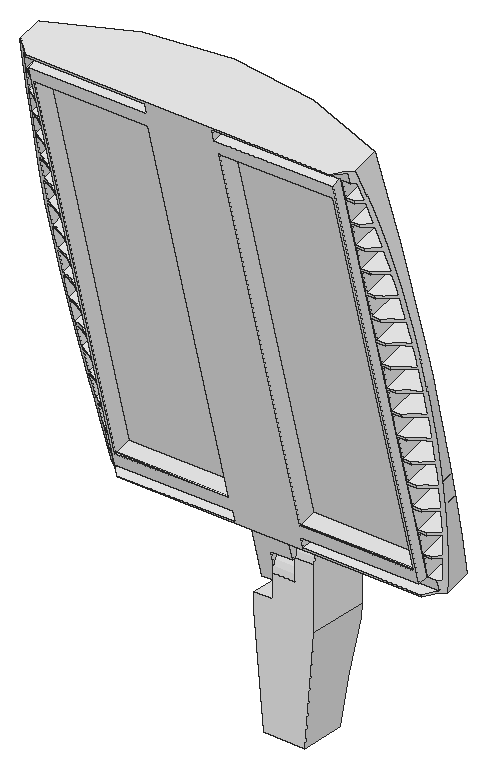
Revit family "Matrix MAF", category Lighting Fixtures, host Face, Revit 2021
Family settings
  Host = Face
  Round Connector Dimension = Use Diameter
  Part Type = Normal
  OmniClass Number = 23.80.70.14.14
  OmniClass Title = Exterior Floodlights
  Cut with Voids When Loaded = No
  Light Source = No
  Shared = No
  Room Calculation Point = No
Parameters (values of type "MAF-WH")
  zz Angle 1 = if(Angle < 0.00°, 0.00°, if(Angle > 75.00°, 75.00°, Angle)) + 90.00°  # 165.00°
  Wattage Comments = "265W to 610W"  # constant formula
  Voltage = 120 V
  URL = "https://www.currentlighting.com/beacon"
  Product Page URL = ""
  Product Material = White
  Product Documentation Link = ""
  Power Factor = 1
  Photometric Web Files = Matrix : MAF-192L-490-5K7-N-U
  Model = "Matrix MAF"  # constant formula
  Manufacturer = "Beacon Products"  # constant formula
  Load Classification = Lighting
  Lamp = "LED"  # constant formula
  Glass = White Glass
  Description = "Matrix flood combines superior luminaire design with excellent versatility, performance and value"  # constant formula
  Default Elevation = 48.000"
  Assembly Code = ""
  Apparent Load = 0 VA
  Angle = 75.00°
Types (8): name | zz Angle 1 | Product Material | Photometric Web Files | Assembly Code | Angle
  (no name) | 165.00° | White | Matrix : MAF-192L-490-5K7-N-U | "" | 75.00°
  MAF-DB | 135.00° | Dark Bronze | Matrix : MAF-148L-380-5K7-W-U | "D50" | 45.00°
  MAF-BL | 165.00° | Black | Matrix : MAF-192L-490-5K7-N-U | "" | 75.00°
  MAF-WH | 165.00° | White | Matrix : MAF-192L-490-5K7-N-U | "" | 75.00°
  MAF-PS | 165.00° | Platinum | Matrix : MAF-192L-490-5K7-N-U | "" | 75.00°
  MAF-GYS | 165.00° | Light Grey | Matrix : MAF-192L-490-5K7-N-U | "" | 75.00°
  MAF-GT | 165.00° | Graphite | Matrix : MAF-192L-490-5K7-N-U | "" | 75.00°
  MAF-TT | 165.00° | Titanium | Matrix : MAF-192L-490-5K7-N-U | "" | 75.00°
Reference planes (in)
  plane 1 "Center (Front/Back)": y = 0
  plane 2: z = 0
  plane 3 "Center (Left/Right)": x = 0
  plane 4: x = -2
  plane 5: y = 2
  plane 6: z = 13.2
  plane 7: y = -2
  plane 8: z = 10.7
  plane 9: x = 2
  plane 10: z = 8.2
  plane 11: y = -32.5
Forms (in)
  Extrusion 1, solid, material "White" <- "Product Material"
    sketch origin (0, 0, 0) x (0, 1, 0) y (0, 0, 1)
      loop
        line (2, 6.25) -> (2, 11.2)
        arc (2, 11.2) -> (0, 13.2) -> (-2, 11.2) r 2
        line (-2, 11.2) -> (-2, 0) -> (0.9965, 0)
        arc (0.9965, 0) -> (1.33107, 3.15184) -> (2, 6.25) r 29.66548
    from -2 to 2
  Extrusion 2, void
    sketch origin (0, 0, 0) x (1, 0, 0) y (0, 0, 1)
      loop
        line (-2, 7.15858) -> (-2, 0) -> (-1.37371, 0) -> (-2, 7.15858)
      loop
        line (2, 7.15858) -> (1.37371, 0) -> (2, 0) -> (2, 7.15858)
    from -2 to 2
  Extrusion 3, void
    sketch origin (0, 0, 0) x (1, 0, 0) y (0, 0, 1)
      loop
        line (-2, 13.2) -> (-2, 8.2) -> (-0.75, 8.2) -> (-0.75, 13.2) -> (-2, 13.2)
    from -2 to 2
  Extrusion 4, void
    sketch origin (0, 0, 0) x (0, 1, 0) y (0, 0, 1)
      loop
        line (2, 9.79375) -> (2, 13.2) -> (-2, 13.2) -> (-2, 9.79375)
        arc (-2, 9.79375) -> (0, 11.79375) -> (2, 9.79375) r 2
    from -0.75 to 0.75
Cuts and joins
  Extrusion 2, Extrusion 3, Extrusion 4 cuts Extrusion 1
Dimensions and locks (in)
  plane 5 to plane 1 "Center (Front/Back)" = 2.000"
  plane 6 to plane 2 = 13.200"
  equal spacing: plane 5, plane 1 "Center (Front/Back)", plane 7
  plane 5 to plane 7 = 4.000"
  plane 1 "Center (Front/Back)" to plane 7 = 2.000"
  plane 6 to plane 8 = 2.500"
  equal spacing: plane 4, plane 3 "Center (Left/Right)", plane 9
  plane 4 to plane 9 = 4.000"
  locked: plane 6 to plane 10 at 5
  plane 5 to plane 11 = 34.500"
  "zz Angle 1": angle plane 1 "Center (Front/Back)" to nested 1
  aligned and locked: plane 2 to host face
  aligned and locked: level to host face
  aligned and locked: Extrusion 1 sketch curve to plane 2
  aligned and locked: plane 7 to Extrusion 1 sketch curve
  aligned and locked: Extrusion 1 to plane 4
  aligned and locked: Extrusion 1 to plane 9
  aligned and locked: plane 2 to Extrusion 2 sketch curve
  aligned and locked: plane 4 to Extrusion 2 sketch curve
  aligned and locked: plane 5 to Extrusion 2
  aligned and locked: plane 7 to Extrusion 2
  aligned and locked: Extrusion 3 sketch curve to plane 6
  aligned and locked: Extrusion 3 sketch curve to cut or joined group of Extrusion 1, Extrusion 2, Extrusion 3, Extrusion 4
  aligned and locked: plane 10 to Extrusion 3 sketch curve
  aligned and locked: plane 5 to Extrusion 3
  aligned and locked: plane 7 to Extrusion 3
  aligned and locked: Extrusion 1 sketch curve to plane 5
  aligned and locked: plane 8 to nested 1
  aligned and locked: plane 1 "Center (Front/Back)" to nested 1
  aligned and locked: plane 3 "Center (Left/Right)" to nested 2
Automatic sketch dimensions
  host sketch curve to host sketch curve = 96.000"  (x2)
  Extrusion 2 sketch curve to level = 0.000"
  plane 9 to Extrusion 2 sketch curve = 0.000"
  Extrusion 2 sketch curve to plane 8 = 3.54142"  (x2)
  plane 4 to Extrusion 2 sketch curve = 0.62629"
  plane 9 to Extrusion 2 sketch curve = 0.62629"
  Extrusion 4 sketch curve to plane 6 = 0.000"
  Extrusion 4 sketch curve to plane 7 = 0.000"  (x2)
  Extrusion 4 sketch curve to plane 1 "Center (Front/Back)" = 0.000"
  Extrusion 4 sketch curve to plane 8 = 0.90625"  (x2)
  Extrusion 4 sketch curve to Extrusion 4 sketch curve = 0.000"
  Extrusion 3 sketch curve to plane 3 "Center (Left/Right)" = 0.750"
  Extrusion 4 sketch curve to plane 5 = 0.000"
  Extrusion 1 sketch curve to plane 1 "Center (Front/Back)" = 0.9965"
  level to Extrusion 1 sketch curve = 6.250"
  Extrusion 1 sketch curve to level = 1.55102"
  plane 8 to Extrusion 1 sketch curve = 0.500"
Nested families (in)
  nested 1: "Matrix MAF-1" at (-1.75, 0, 10.7) x (0, 0.9659, 0.2588) z (1, 0, 0), type "Matrix MAF-1"
  nested 2: "Matrix" at (0, -0.83713, 13.37446) x (1, 0, 0) z (0, -0.2588, 0.9659), type <- "Photometric Web Files", Material Finish <- "Product Material", Glass <- "Glass", type "MAF-192L-490-5K7-N-U"
    with Material Finish White, Glass White Glass
Connectors (in)
  electrical at (0, -0.50175, 0), driven by "Load Classification", driven by "Voltage", driven by "Apparent Load", driven by "Power Factor"
    settings: on cut or joined group of Extrusion 1, Extrusion 2, Extrusion 3, Extrusion 4, index 1, voltage 120 V, apparent load 0 VA, apparent load phase1 0 VA, apparent load phase2 0 VA, apparent load phase3 0 VA, power factor 1, load classification "Lighting", number of poles 1, system type 30, power factor state 1, is connector primary yes, connector utility no, sub classification motor no, connector description "Lighting Connector"
Definition of nested family "Matrix MAF-1"
  Parameters
    Wattage Comments = ""
    URL = ""
    Product Page URL = ""
    Product Documentation Link = ""
    Model = ""
    Material Finish = none
    Manufacturer = ""
    Lamp = ""
    Description = ""
    Default Elevation = 48.000"
    Apparent Load = 0 VA
  Reference planes (in)
    plane 1 "Center (Front/Back)": y = 0
    plane 2: z = 0
    plane 3 "Center (Left/Right)": x = 0
    plane 4: y = -1.1
    plane 5: y = 2.8
    plane 6: z = 1
    plane 7: z = 2.5
    plane 8: x = -2
    plane 9: x = 2
  Forms (in)
    Extrusion 1, solid
      sketch origin (0, 0, 0) x (1, 0, 0) y (0, 1, 0)
        loop
          line (-48, 48) -> (-48, -48) -> (48, -48) -> (48, 48) -> (-48, 48)
      from 0 to -12
    Extrusion 2, solid, material <- "Material Finish"
      sketch origin (0, 0, 0) x (1, 0, 0) y (0, 1, 0)
        loop
          line (-2, 2.8) -> (-2, -1.1) -> (2, -1.1) -> (2, 2.8) -> (-2, 2.8)
      from 0 to 2.5
    Extrusion 3, void
      sketch origin (0, 0, 0) x (0, 1, 0) y (0, 0, 1)
        loop
          line (-1.1, 1) -> (1, 1) -> (1, 3) -> (-1.1, 3) -> (-1.1, 1)
      from 2 to -2
  Cuts and joins
    Extrusion 3 cuts Extrusion 2
  Lines and regions (in)
    reference lines
      curve 1: line (0, 0, 0) -> (0, 7.3, 0)
  Dimensions and locks (in)
    plane 4 to plane 1 "Center (Front/Back)" = 1.100"
    plane 1 "Center (Front/Back)" to plane 5 = 2.800"
    plane 6 to plane 2 = 1.000"
    plane 7 to plane 2 = 2.500"
    equal spacing: plane 8, plane 3 "Center (Left/Right)", plane 9
    plane 8 to plane 9 = 4.000"
    plane 8 to plane 3 "Center (Left/Right)" = 2.000"
    aligned and locked: plane 2 to Extrusion 1
    aligned and locked: level to Extrusion 1
    aligned and locked: plane 4 to Extrusion 2
    aligned and locked: plane 5 to Extrusion 2
    aligned and locked: plane 7 to Extrusion 2
    aligned and locked: Extrusion 3 sketch curve to plane 4
    aligned and locked: Extrusion 3 to Extrusion 2
    aligned and locked: Extrusion 2 to Extrusion 3
    aligned and locked: plane 8 to cut or joined group of Extrusion 2, Extrusion 3
    aligned and locked: cut or joined group of Extrusion 2, Extrusion 3 to plane 9
  Automatic sketch dimensions
    Extrusion 1 sketch curve to Extrusion 1 sketch curve = 96.000"  (x2)
    Extrusion 2 sketch curve to plane 4 = 0.000"
    Extrusion 2 sketch curve to plane 8 = 0.000"
    Extrusion 2 sketch curve to plane 9 = 0.000"
    Extrusion 2 sketch curve to plane 5 = 0.000"
    Extrusion 3 sketch curve to plane 6 = 0.000"
    Extrusion 3 sketch curve to plane 1 "Center (Front/Back)" = 1.000"
    plane 7 to Extrusion 3 sketch curve = 0.500"
    curve 1 to plane 3 "Center (Left/Right)" = 0.000"
    plane 1 "Center (Front/Back)" to curve 1 = 0.000"
    plane 5 to curve 1 = 4.500"
Definition of nested family "Matrix"
  Parameters
    Wattage Comments = ""
    Wattage = 610 W
    built-in parameter 1150110 = 1 (stored number, unit not read)
    URL = ""
    built-in parameter 1114217 = 1 (stored number, unit not read)
    Tilt Angle = 90.00°
    built-in parameter 1150109 = 1 (stored number, unit not read)
    built-in parameter 1150134 = 12
    built-in parameter 1150113 = 1 (stored number, unit not read)
    Product Page URL = ""
    Product Documentation Link = ""
    Photometric Web Link = "http://www.beaconproducts.com/products/matrix_maf"
    Photometric Web File = "MA-F-192L-610-4K7-M-U.ies"
    Model = ""
    Material Finish [instance] = none
    Manufacturer = ""
    built-in parameter 1150105 = 3155.2 (stored number, unit not read)
    Lumens = 39650 lm
    built-in parameter 1150115 = 1 (stored number, unit not read)
    built-in parameter 1150137 = (empty or 0)
    built-in parameter 1150139 = (empty or 0)
    built-in parameter 1150112 = 1 (stored number, unit not read)
    built-in parameter 1150114 = 1 (stored number, unit not read)
    Lamp = ""
    built-in parameter 1150132 = (empty or 0)
    built-in parameter 1150102 = (empty or 0)
    built-in parameter 1150107 = 4000 (stored number, unit not read)
    built-in parameter 1150138 = (empty or 0)
    built-in parameter 1150106 = 31.552 (stored number, unit not read)
    Glass [instance] = none
    built-in parameter 1150104 = 6.0387 (stored number, unit not read)
    Dimming Lamp Color Temperature Shift = (empty or 0)
    Description = ""
    Default Elevation = 48.000"
    Color Filter = 16777215
    built-in parameter 1114218 = 1 (stored number, unit not read)
    built-in parameter 1150133 = 10 (stored number, unit not read)
    Apparent Load = 0 VA
  Reference planes (in)
    plane 1 "Center (Front/Back)": y = 0
    plane 2: z = 0
    plane 3 "Center (Left/Right)": x = 0
    plane 4: y = -2.45
    plane 5: y = 2.45
    plane 6: z = 29.7
    plane 7: x = -12.5
    plane 8: x = 12.5
    plane 9: x = -13.09963
    plane 10: y = 3.95
    plane 11: x = 13.09963
  Forms (in)
    Extrusion 1, solid
      sketch origin (0, 0, 0) x (1, 0, 0) y (0, 1, 0)
        loop
          line (-48, 48) -> (-48, -48) -> (48, -48) -> (48, 48) -> (-48, 48)
      from 0 to -12
    Extrusion 2, solid, material <- "Material Finish"
      sketch origin (0, 0, 0) x (1, 0, 0) y (0, 0, 1)
        loop
          arc (-11.25, 29.7) -> (-12.50329, 14.85) -> (-11.25, 0) r 88.6042
          line (-11.25, 0) -> (11.25, 0)
          arc (11.25, 0) -> (12.5, 14.85) -> (11.25, 29.7) r 88.834
          line (11.25, 29.7) -> (-11.25, 29.7)
      from 2.45 to -2.45
    Extrusion 3, void
      sketch origin (0, 0, 0) x (1, 0, 0) y (0, 1, 0)
        loop
          line (13.09963, 3.95) -> (-13.09963, 3.95) -> (-13.09963, -0.83727)
          arc (-13.09963, -0.83727) -> (0.00051, 2.44699) -> (13.09963, -0.84133) r 27.75166
          line (13.09963, -0.84133) -> (13.09963, 3.95)
      from 33.11231 to -3.44037
    Extrusion 4, void
      sketch origin (0, 0, 0) x (1, 0, 0) y (0, 0, 1)
        loop
          arc (-11.14439, 29.575) -> (-12.37829, 14.85) -> (-11.14439, 0.125) r 88.4792
          line (-11.14439, 0.125) -> (-2.25, 0.125) -> (-2.25, 0.875) -> (-10.17345, 0.875) -> (-10.17345, 28.825) -> (-2.25, 28.825) -> (-2.25, 29.575) -> (-11.14439, 29.575)
      from 2.45 to 1.78807
    Extrusion 5, void
      sketch origin (0, 0, 0) x (1, 0, 0) y (0, 0, 1)
        loop
          line (-10, 27.95) -> (-10, 1.75) -> (-2.375, 1.75) -> (-2.375, 27.95) -> (-10, 27.95)
        loop
          line (10, 27.95) -> (2.375, 27.95) -> (2.375, 1.75) -> (10, 1.75) -> (10, 27.95)
      from 2.45 to 1.25125
    Extrusion 6, solid, material <- "Glass"
      sketch origin (0, 0, 0) x (1, 0, 0) y (0, 0, 1)
        loop
          line (-10, 27.95) -> (-10, 1.75) -> (-2.375, 1.75) -> (-2.375, 27.95) -> (-10, 27.95)
      from 2.40755 to 2.32559
    Extrusion 7, void
      sketch origin (0, 0, 0) x (1, 0, 0) y (0, 0, 1)
        loop
          line (-10.29845, 0.88042) -> (-10.29845, 2.40161) -> (-11.37128, 2.40161)
          arc (-11.37128, 2.40161) -> (-11.25949, 1.64052) -> (-11.14107, 0.88042) r 88.35391
          line (-11.14107, 0.88042) -> (-10.29845, 0.88042)
        loop
          arc (-11.14096, 28.82208) -> (-11.23811, 28.20164) -> (-11.33084, 27.58052) r 88.35398
          line (-11.33084, 27.58052) -> (-10.29845, 27.58052) -> (-10.29845, 28.82208) -> (-11.14096, 28.82208)
        loop
          line (-10.29845, 2.54409) -> (-10.29845, 4.04409) -> (-11.58882, 4.04409)
          arc (-11.58882, 4.04409) -> (-11.49332, 3.29367) -> (-11.39139, 2.54409) r 88.35402
          line (-11.39139, 2.54409) -> (-10.29845, 2.54409)
        loop
          line (-10.29845, 4.2029) -> (-10.29845, 5.71319) -> (-11.7797, 5.71319)
          arc (-11.7797, 5.71319) -> (-11.69791, 4.95768) -> (-11.60961, 4.2029) r 88.35431
          line (-11.60961, 4.2029) -> (-10.29845, 4.2029)
        loop
          line (-10.29845, 5.88228) -> (-10.29845, 7.38228) -> (-11.93722, 7.38228)
          arc (-11.93722, 7.38228) -> (-11.87037, 6.63199) -> (-11.79712, 5.88228) r 88.35426
          line (-11.79712, 5.88228) -> (-10.29845, 5.88228)
        loop
          line (-10.29845, 7.55138) -> (-10.29845, 9.05138) -> (-12.06288, 9.05138)
          arc (-12.06288, 9.05138) -> (-12.01033, 8.30114) -> (-11.9514, 7.55138) r 88.35424
          line (-11.9514, 7.55138) -> (-10.29845, 7.55138)
        loop
          line (-10.29845, 9.22047) -> (-10.29845, 10.72047) -> (-12.15681, 10.72047)
          arc (-12.15681, 10.72047) -> (-12.11851, 9.9703) -> (-12.07384, 9.22047) r 88.35424
          line (-12.07384, 9.22047) -> (-10.29845, 9.22047)
        loop
          line (-10.29845, 10.88957) -> (-10.29845, 12.38957) -> (-12.2191, 12.38957)
          arc (-12.2191, 12.38957) -> (-12.19501, 11.63945) -> (-12.16456, 10.88957) r 88.35424
          line (-12.16456, 10.88957) -> (-10.29845, 10.88957)
        loop
          line (-10.29845, 12.56308) -> (-10.29845, 14.08077) -> (-12.25042, 14.08077)
          arc (-12.25042, 14.08077) -> (-12.24048, 13.32187) -> (-12.22402, 12.56308) r 88.35448
          line (-12.22402, 12.56308) -> (-10.29845, 12.56308)
        loop
          line (-10.29845, 14.22776) -> (-10.29845, 15.72776) -> (-12.24893, 15.72776)
          arc (-12.24893, 15.72776) -> (-12.25342, 14.97776) -> (-12.25154, 14.22776) r 88.35453
          line (-12.25154, 14.22776) -> (-10.29845, 14.22776)
        loop
          line (-10.29845, 15.89685) -> (-10.29845, 17.39685) -> (-12.21642, 17.39685)
          arc (-12.21642, 17.39685) -> (-12.23492, 16.64692) -> (-12.24706, 15.89685) r 88.35421
          line (-12.24706, 15.89685) -> (-10.29845, 15.89685)
        loop
          line (-10.29845, 17.56595) -> (-10.29845, 19.06595) -> (-12.15246, 19.06595)
          arc (-12.15246, 19.06595) -> (-12.1851, 18.31607) -> (-12.21138, 17.56595) r 88.35413
          line (-12.21138, 17.56595) -> (-10.29845, 17.56595)
        loop
          line (-10.29845, 19.23504) -> (-10.29845, 20.73504) -> (-12.05688, 20.73504)
          arc (-12.05688, 20.73504) -> (-12.10373, 19.98523) -> (-12.14421, 19.23504) r 88.35411
          line (-12.14421, 19.23504) -> (-10.29845, 19.23504)
        loop
          line (-10.29845, 20.90414) -> (-10.29845, 22.40414) -> (-11.92956, 22.40414)
          arc (-11.92956, 22.40414) -> (-11.99069, 21.65439) -> (-12.04543, 20.90414) r 88.3541
          line (-12.04543, 20.90414) -> (-10.29845, 20.90414)
        loop
          line (-10.29845, 22.57323) -> (-10.29845, 24.07323) -> (-11.77036, 24.07323)
          arc (-11.77036, 24.07323) -> (-11.84582, 23.32354) -> (-11.91489, 22.57323) r 88.3541
          line (-11.91489, 22.57323) -> (-10.29845, 22.57323)
        loop
          line (-10.29845, 24.24626) -> (-10.29845, 25.76194) -> (-11.57684, 25.76194)
          arc (-11.57684, 25.76194) -> (-11.66772, 25.00448) -> (-11.75206, 24.24626) r 88.35421
          line (-11.75206, 24.24626) -> (-10.29845, 24.24626)
        loop
          line (-10.29845, 25.91142) -> (-10.29845, 27.41142) -> (-11.35532, 27.41142)
          arc (-11.35532, 27.41142) -> (-11.4599, 26.66186) -> (-11.55806, 25.91142) r 88.35426
          line (-11.55806, 25.91142) -> (-10.29845, 25.91142)
        loop
          line (10.29845, 0.88042) -> (11.14107, 0.88042)
          arc (11.14107, 0.88042) -> (11.25949, 1.64052) -> (11.37128, 2.40161) r 88.35391
          line (11.37128, 2.40161) -> (10.29845, 2.40161) -> (10.29845, 0.88042)
        loop
          line (11.14096, 28.82208) -> (10.29845, 28.82208) -> (10.29845, 27.58052) -> (11.33084, 27.58052)
          arc (11.33084, 27.58052) -> (11.23811, 28.20164) -> (11.14096, 28.82208) r 88.35398
        loop
          line (10.29845, 2.54409) -> (11.39139, 2.54409)
          arc (11.39139, 2.54409) -> (11.49332, 3.29367) -> (11.58882, 4.04409) r 88.35402
          line (11.58882, 4.04409) -> (10.29845, 4.04409) -> (10.29845, 2.54409)
        loop
          line (10.29845, 4.2029) -> (11.60961, 4.2029)
          arc (11.60961, 4.2029) -> (11.69791, 4.95768) -> (11.7797, 5.71319) r 88.35431
          line (11.7797, 5.71319) -> (10.29845, 5.71319) -> (10.29845, 4.2029)
        loop
          line (10.29845, 5.88228) -> (11.79712, 5.88228)
          arc (11.79712, 5.88228) -> (11.87037, 6.63199) -> (11.93722, 7.38228) r 88.35426
          line (11.93722, 7.38228) -> (10.29845, 7.38228) -> (10.29845, 5.88228)
        loop
          line (10.29845, 7.55138) -> (11.9514, 7.55138)
          arc (11.9514, 7.55138) -> (12.01033, 8.30114) -> (12.06288, 9.05138) r 88.35424
          line (12.06288, 9.05138) -> (10.29845, 9.05138) -> (10.29845, 7.55138)
        loop
          line (10.29845, 9.22047) -> (12.07384, 9.22047)
          arc (12.07384, 9.22047) -> (12.11851, 9.9703) -> (12.15681, 10.72047) r 88.35424
          line (12.15681, 10.72047) -> (10.29845, 10.72047) -> (10.29845, 9.22047)
        loop
          line (10.29845, 10.88957) -> (12.16456, 10.88957)
          arc (12.16456, 10.88957) -> (12.19501, 11.63945) -> (12.2191, 12.38957) r 88.35424
          line (12.2191, 12.38957) -> (10.29845, 12.38957) -> (10.29845, 10.88957)
        loop
          line (10.29845, 12.56308) -> (12.22402, 12.56308)
          arc (12.22402, 12.56308) -> (12.24048, 13.32187) -> (12.25042, 14.08077) r 88.35448
          line (12.25042, 14.08077) -> (10.29845, 14.08077) -> (10.29845, 12.56308)
        loop
          line (10.29845, 14.22776) -> (12.25154, 14.22776)
          arc (12.25154, 14.22776) -> (12.25342, 14.97776) -> (12.24893, 15.72776) r 88.35453
          line (12.24893, 15.72776) -> (10.29845, 15.72776) -> (10.29845, 14.22776)
        loop
          line (10.29845, 15.89685) -> (12.24706, 15.89685)
          arc (12.24706, 15.89685) -> (12.23492, 16.64692) -> (12.21642, 17.39685) r 88.35421
          line (12.21642, 17.39685) -> (10.29845, 17.39685) -> (10.29845, 15.89685)
        loop
          line (10.29845, 17.56595) -> (12.21138, 17.56595)
          arc (12.21138, 17.56595) -> (12.1851, 18.31607) -> (12.15246, 19.06595) r 88.35413
          line (12.15246, 19.06595) -> (10.29845, 19.06595) -> (10.29845, 17.56595)
        loop
          line (10.29845, 19.23504) -> (12.14421, 19.23504)
          arc (12.14421, 19.23504) -> (12.10373, 19.98523) -> (12.05688, 20.73504) r 88.35411
          line (12.05688, 20.73504) -> (10.29845, 20.73504) -> (10.29845, 19.23504)
        loop
          line (10.29845, 20.90414) -> (12.04543, 20.90414)
          arc (12.04543, 20.90414) -> (11.99069, 21.65439) -> (11.92956, 22.40414) r 88.3541
          line (11.92956, 22.40414) -> (10.29845, 22.40414) -> (10.29845, 20.90414)
        loop
          line (10.29845, 22.57323) -> (11.91489, 22.57323)
          arc (11.91489, 22.57323) -> (11.84582, 23.32354) -> (11.77036, 24.07323) r 88.3541
          line (11.77036, 24.07323) -> (10.29845, 24.07323) -> (10.29845, 22.57323)
        loop
          line (10.29845, 24.24626) -> (11.75206, 24.24626)
          arc (11.75206, 24.24626) -> (11.66772, 25.00448) -> (11.57684, 25.76194) r 88.35421
          line (11.57684, 25.76194) -> (10.29845, 25.76194) -> (10.29845, 24.24626)
        loop
          line (10.29845, 25.91142) -> (11.55806, 25.91142)
          arc (11.55806, 25.91142) -> (11.4599, 26.66186) -> (11.35532, 27.41142) r 88.35426
          line (11.35532, 27.41142) -> (10.29845, 27.41142) -> (10.29845, 25.91142)
      from 2.45 to -2.45
    Extrusion 8, void
      sketch origin (0, 0, 0) x (-1, 0, 0) y (0, 0, -1)
        loop
          line (-11.14439, -29.575) -> (-2.25, -29.575) -> (-2.25, -28.825) -> (-10.17345, -28.825) -> (-10.17345, -0.875) -> (-2.25, -0.875) -> (-2.25, -0.125) -> (-11.14439, -0.125)
          arc (-11.14439, -0.125) -> (-12.37829, -14.85) -> (-11.14439, -29.575) r 88.4792
      from 2.45 to 1.78807
    Extrusion 9, void
      sketch origin (0, 0, 0) x (1, 0, 0) y (0, 1, 0)
        loop
          line (-12.50329, -2.45) -> (-10.18202, -2.45)
          arc (-10.18202, -2.45) -> (-11.22194, -1.56959) -> (-12.50329, -1.10625) r 3.8525
          line (-12.50329, -1.10625) -> (-12.50329, -2.45)
      from 29.7 to 0
    Extrusion 10, void
      sketch origin (0, 0, 0) x (-1, 0, 0) y (0, -1, 0)
        loop
          line (-12.50329, 2.45) -> (-12.50329, 1.10625)
          arc (-12.50329, 1.10625) -> (-11.22194, 1.56959) -> (-10.18202, 2.45) r 3.8525
          line (-10.18202, 2.45) -> (-12.50329, 2.45)
      from 29.7 to 0
    Extrusion 11, solid, material <- "Glass"
      sketch origin (0, 0, 0) x (-1, 0, 0) y (0, 0, -1)
        loop
          line (-10, -27.95) -> (-2.375, -27.95) -> (-2.375, -1.75) -> (-10, -1.75) -> (-10, -27.95)
      from 2.40755 to 2.32559
  Cuts and joins
    Extrusion 3, Extrusion 4, Extrusion 5, Extrusion 7, Extrusion 8, Extrusion 9, Extrusion 10 cuts Extrusion 2
  Lines and regions (in)
    reference lines
      curve 1: line (-5.55547, 0, 5.53932) -> (10.19453, 0, 5.53932)
      curve 2: line (7.29478, 0, 7.53677) -> (-0.62911, 0, -2.76915)
  Dimensions and locks (in)
    equal spacing: plane 8, plane 3 "Center (Left/Right)", plane 7
    equal spacing: plane 5, plane 1 "Center (Front/Back)", plane 4
    plane 8 to plane 7 = 25.000"
    plane 6 to plane 2 = 29.700"
    locked: plane 5 to plane 4 at 4.9
    aligned and locked: plane 2 to Extrusion 1
    aligned and locked: level to Extrusion 1
    aligned and locked: imposter light to plane 3 "Center (Left/Right)"
    aligned and locked: Extrusion 2 sketch curve to plane 6
    aligned and locked: plane 2 to Extrusion 2 sketch curve
    aligned and locked: plane 4 to Extrusion 2
    aligned and locked: plane 5 to Extrusion 2
    aligned and locked: plane 10 to Extrusion 3 sketch curve
    aligned and locked: plane 11 to Extrusion 3 sketch curve
  Automatic sketch dimensions
    Extrusion 1 sketch curve to Extrusion 1 sketch curve = 96.000"  (x2)
    curve 1 to plane 3 "Center (Left/Right)" = 5.55547"
    curve 2 to plane 3 "Center (Left/Right)" = 0.62911"
    plane 8 to curve 2 = 5.20522"
    plane 8 to curve 1 = 2.30547"
    curve 2 to level = 2.76915"
    level to curve 1 = 5.53932"
    curve 1 to curve 2 = 1.99745"
    plane 7 to Extrusion 2 sketch curve = 1.250"  (x2)
    plane 8 to Extrusion 2 sketch curve = 1.250"
    plane 3 "Center (Left/Right)" to Extrusion 2 sketch curve = 11.250"
    Extrusion 2 sketch curve to plane 7 = 63.834"
    Extrusion 2 sketch curve to plane 8 = 63.60091"
    Extrusion 3 sketch curve to plane 9 = 0.000"
    plane 1 "Center (Front/Back)" to Extrusion 3 sketch curve = 0.84133"
    Extrusion 3 sketch curve to plane 3 "Center (Left/Right)" = 0.0038"
    plane 1 "Center (Front/Back)" to Extrusion 3 sketch curve = 0.83727"
    level to Extrusion 4 sketch curve = 0.125"
    plane 7 to Extrusion 4 sketch curve = 1.35561"
    level to Extrusion 4 sketch curve = 0.875"
    Extrusion 4 sketch curve to plane 6 = 0.125"
    Extrusion 4 sketch curve to plane 3 "Center (Left/Right)" = 11.14439"
    Extrusion 4 sketch curve to Extrusion 4 sketch curve = 0.97094"
    Extrusion 4 sketch curve to plane 6 = 0.875"
    Extrusion 4 sketch curve to plane 3 "Center (Left/Right)" = 2.250"  (x2)
    Extrusion 4 sketch curve to plane 8 = 63.60091"
    plane 7 to Extrusion 5 sketch curve = 2.500"
    level to Extrusion 5 sketch curve = 1.750"  (x2)
    Extrusion 5 sketch curve to plane 3 "Center (Left/Right)" = 2.375"
    plane 3 "Center (Left/Right)" to Extrusion 5 sketch curve = 2.375"
    plane 8 to Extrusion 5 sketch curve = 2.500"
    Extrusion 5 sketch curve to plane 6 = 1.750"  (x2)
    plane 7 to Extrusion 6 sketch curve = 2.500"
    level to Extrusion 6 sketch curve = 1.750"
    Extrusion 6 sketch curve to plane 3 "Center (Left/Right)" = 2.375"
    Extrusion 6 sketch curve to plane 6 = 1.750"
    plane 7 to Extrusion 7 sketch curve = 0.24846"
    level to Extrusion 7 sketch curve = 0.88042"  (x2)
    Extrusion 7 sketch curve to Extrusion 7 sketch curve = 0.00111"  (x2)
    plane 7 to Extrusion 7 sketch curve = 0.25107"
    Extrusion 7 sketch curve to Extrusion 7 sketch curve = 0.00187"  (x2)
    plane 7 to Extrusion 7 sketch curve = 0.27598"
    Extrusion 7 sketch curve to Extrusion 7 sketch curve = 0.00492"  (x2)
    plane 7 to Extrusion 7 sketch curve = 0.28358"
    Extrusion 7 sketch curve to Extrusion 7 sketch curve = 0.00505"  (x2)
    plane 7 to Extrusion 7 sketch curve = 0.33544"
    Extrusion 7 sketch curve to Extrusion 7 sketch curve = 0.00775"  (x2)
    plane 7 to Extrusion 7 sketch curve = 0.34754"
    Extrusion 7 sketch curve to Extrusion 7 sketch curve = 0.00824"  (x2)
    plane 7 to Extrusion 7 sketch curve = 0.42616"
    Extrusion 7 sketch curve to Extrusion 7 sketch curve = 0.01096"  (x2)
    plane 7 to Extrusion 7 sketch curve = 0.44312"
    Extrusion 7 sketch curve to Extrusion 7 sketch curve = 0.01145"  (x2)
    plane 7 to Extrusion 7 sketch curve = 0.5486"
    Extrusion 7 sketch curve to Extrusion 7 sketch curve = 0.01418"  (x2)
    plane 7 to Extrusion 7 sketch curve = 0.57044"
    Extrusion 7 sketch curve to Extrusion 7 sketch curve = 0.01467"  (x2)
    plane 7 to Extrusion 7 sketch curve = 0.70288"
    Extrusion 7 sketch curve to Extrusion 7 sketch curve = 0.01741"  (x2)
    plane 7 to Extrusion 7 sketch curve = 0.72964"
    Extrusion 7 sketch curve to Extrusion 7 sketch curve = 0.01831"  (x2)
    plane 7 to Extrusion 7 sketch curve = 0.89039"
    Extrusion 7 sketch curve to Extrusion 7 sketch curve = 0.02079"  (x2)
    plane 7 to Extrusion 7 sketch curve = 0.92316"
    Extrusion 7 sketch curve to Extrusion 7 sketch curve = 0.01877"  (x2)
    plane 7 to Extrusion 7 sketch curve = 1.10861"
    Extrusion 7 sketch curve to Extrusion 7 sketch curve = 0.02011"  (x2)
    plane 7 to Extrusion 7 sketch curve = 1.14468"
    Extrusion 7 sketch curve to Extrusion 7 sketch curve = 0.02447"  (x2)
    Extrusion 7 sketch curve to Extrusion 7 sketch curve = 0.2302"
    Extrusion 7 sketch curve to plane 6 = 0.87792"
    Extrusion 7 sketch curve to Extrusion 7 sketch curve = 0.18988"
    Extrusion 7 sketch curve to Extrusion 7 sketch curve = 1.85836"
    Extrusion 7 sketch curve to Extrusion 7 sketch curve = 0.000"  (x34)
    Extrusion 7 sketch curve to Extrusion 7 sketch curve = 0.84251"  (x2)
    plane 8 to Extrusion 7 sketch curve = 2.20155"
    Extrusion 7 sketch curve to Extrusion 7 sketch curve = 0.84262"
    Extrusion 7 sketch curve to Extrusion 7 sketch curve = 1.0324"
    Extrusion 7 sketch curve to Extrusion 7 sketch curve = 1.07283"
    plane 8 to Extrusion 7 sketch curve = 0.94194"
    plane 8 to Extrusion 7 sketch curve = 0.91118"
    plane 8 to Extrusion 7 sketch curve = 0.74794"
    plane 8 to Extrusion 7 sketch curve = 0.7203"
    plane 8 to Extrusion 7 sketch curve = 0.58511"
    plane 8 to Extrusion 7 sketch curve = 0.56278"
    plane 8 to Extrusion 7 sketch curve = 0.45457"
    plane 8 to Extrusion 7 sketch curve = 0.43712"
    plane 8 to Extrusion 7 sketch curve = 0.35579"
    plane 8 to Extrusion 7 sketch curve = 0.34319"
    plane 8 to Extrusion 7 sketch curve = 0.28862"
    plane 8 to Extrusion 7 sketch curve = 0.2809"
    plane 8 to Extrusion 7 sketch curve = 0.25294"
    plane 8 to Extrusion 7 sketch curve = 0.24958"
    level to Extrusion 7 sketch curve = 14.82361"
    Extrusion 7 sketch curve to plane 7 = 63.60516"
    Extrusion 7 sketch curve to Extrusion 7 sketch curve = 0.00322"
    Extrusion 7 sketch curve to Extrusion 7 sketch curve = 0.00058"
    Extrusion 7 sketch curve to Extrusion 7 sketch curve = 0.00035"
    Extrusion 7 sketch curve to Extrusion 7 sketch curve = 0.00001"  (x2)
    Extrusion 7 sketch curve to Extrusion 7 sketch curve = 0.00002"  (x2)
    Extrusion 7 sketch curve to Extrusion 7 sketch curve = 0.00418"  (x2)
    Extrusion 7 sketch curve to Extrusion 7 sketch curve = 0.00004"  (x3)
    Extrusion 7 sketch curve to Extrusion 7 sketch curve = 0.00009"  (x2)
    Extrusion 7 sketch curve to Extrusion 7 sketch curve = 0.00012"  (x2)
    Extrusion 7 sketch curve to Extrusion 7 sketch curve = 0.00049"
    Extrusion 7 sketch curve to Extrusion 7 sketch curve = 0.00131"  (x2)
    Extrusion 7 sketch curve to Extrusion 7 sketch curve = 0.00052"  (x3)
    Extrusion 7 sketch curve to Extrusion 7 sketch curve = 0.00085"  (x2)
    Extrusion 7 sketch curve to Extrusion 7 sketch curve = 0.00281"  (x2)
    level to Extrusion 7 sketch curve = 14.8272"
    Extrusion 7 sketch curve to plane 8 = 63.59817"
    Extrusion 7 sketch curve to Extrusion 7 sketch curve = 0.00161"
    Extrusion 7 sketch curve to Extrusion 7 sketch curve = 0.00057"
    Extrusion 7 sketch curve to Extrusion 7 sketch curve = 0.00101"
    Extrusion 7 sketch curve to Extrusion 7 sketch curve = 1.52119"  (x2)
    Extrusion 7 sketch curve to Extrusion 7 sketch curve = 0.14248"  (x2)
    Extrusion 7 sketch curve to Extrusion 7 sketch curve = 1.500"  (x22)
    Extrusion 7 sketch curve to Extrusion 7 sketch curve = 0.1588"  (x2)
    Extrusion 7 sketch curve to Extrusion 7 sketch curve = 1.51029"  (x2)
    Extrusion 7 sketch curve to Extrusion 7 sketch curve = 0.16909"  (x20)
    Extrusion 7 sketch curve to Extrusion 7 sketch curve = 0.17351"  (x2)
    Extrusion 7 sketch curve to Extrusion 7 sketch curve = 1.51769"  (x2)
    Extrusion 7 sketch curve to Extrusion 7 sketch curve = 0.14699"  (x2)
    Extrusion 7 sketch curve to Extrusion 7 sketch curve = 0.17302"  (x2)
    Extrusion 7 sketch curve to Extrusion 7 sketch curve = 1.51568"  (x2)
    Extrusion 7 sketch curve to Extrusion 7 sketch curve = 0.14949"  (x2)
    Extrusion 7 sketch curve to Extrusion 7 sketch curve = 1.24156"
    Extrusion 8 sketch curve to level = 0.125"
    Extrusion 8 sketch curve to plane 8 = 1.35561"
    Extrusion 8 sketch curve to level = 0.875"
    plane 6 to Extrusion 8 sketch curve = 0.125"
    Extrusion 8 sketch curve to plane 3 "Center (Left/Right)" = 11.14439"
    Extrusion 8 sketch curve to Extrusion 8 sketch curve = 0.97094"
    plane 6 to Extrusion 8 sketch curve = 0.875"
    Extrusion 8 sketch curve to plane 3 "Center (Left/Right)" = 2.250"  (x2)
    plane 7 to Extrusion 8 sketch curve = 63.60091"
    plane 4 to Extrusion 9 sketch curve = 0.000"
    Extrusion 9 sketch curve to plane 7 = 0.00329"
    plane 1 "Center (Front/Back)" to Extrusion 9 sketch curve = 1.10625"
    plane 7 to Extrusion 9 sketch curve = 2.31798"
    Extrusion 9 sketch curve to plane 7 = 0.65203"
    plane 4 to Extrusion 10 sketch curve = 0.000"
    plane 8 to Extrusion 10 sketch curve = 0.00329"
    Extrusion 10 sketch curve to plane 1 "Center (Front/Back)" = 1.10625"
    Extrusion 10 sketch curve to plane 8 = 2.31798"
    plane 8 to Extrusion 10 sketch curve = 0.65203"
    Extrusion 11 sketch curve to plane 8 = 2.500"
    Extrusion 11 sketch curve to level = 1.750"
    Extrusion 11 sketch curve to plane 3 "Center (Left/Right)" = 2.375"
    plane 6 to Extrusion 11 sketch curve = 1.750"
